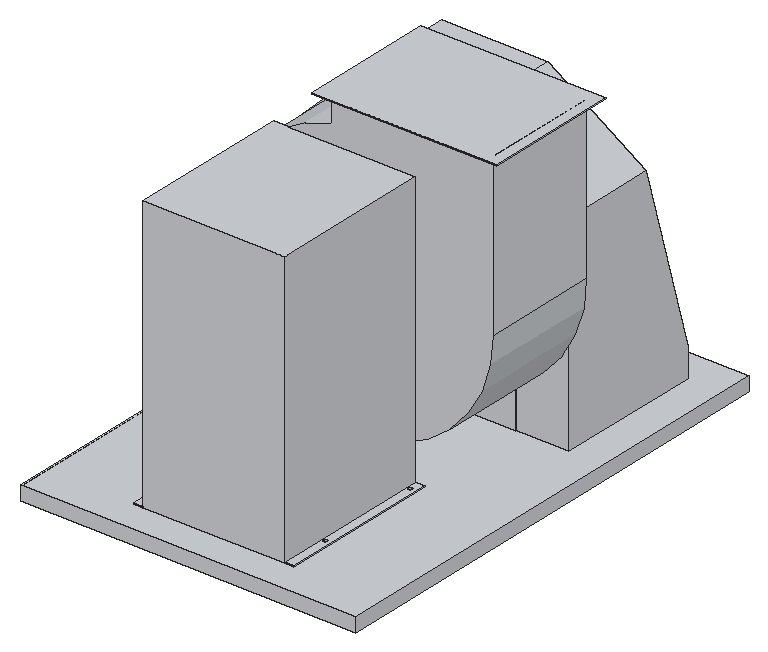
Revit family "CPBK", category Mechanical Equipment, Revit 2019
Family settings
  Round Connector Dimension = Use Diameter
  Part Type = Normal
  Work Plane-Based = No
  Always vertical = Yes
  Cut with Voids When Loaded = No
  Shared = No
  Room Calculation Point = No
Parameters (values of type "210 CP WITH CURB CAP AND INLET BOX")
  Z = 0' - 8 7/8"
  Y = 0' - 10 5/8"
  X = 2' - 2 3/16"
  W+M = W + M  # 1' - 11 1/8"
  W+1.5+K+L = W + 0' 1 1/2" + K + L  # 3' - 4 1/4"
  W+1.5 = W + 0' 1 1/2"  # 0' - 6 1/2"
  W = 0' - 5"
  V = 0' - 10"
  Unit Weight [instance] = ""
  U-.125 = U - 0' 0 1/8"  # 0' - 1 1/2"
  U = 0' - 1 5/8"
  T = 0' - 0 3/4"
  Sones [instance] = ""
  S/2 = S / 2  # 0' - 0 9/32"
  S = 0' - 0 9/16"
  R = 0' - 1"
  Q = 0' - 4"
  P-U = P - U  # 3' - 7 3/4"
  P = 3' - 9 3/8"
  N = 1' - 5 7/8"
  Motor RPM [instance] = ""
  Motor Enclosure [instance] = ""
  ModelID [instance] = ""
  M = 1' - 6 1/8"
  LwA [instance] = ""
  L = 1' - 6 3/4"
  K = 1' - 3"
  J = 1' - 7 5/16"
  HEIGHT*.9 = P * 0.9  # 3' - 4.8375"
  H = 3' - 2 7/8"
  G-V = G - V  # 0' - 1 3/8"
  G = 0' - 11 3/8"
  Fan RPM [instance] = ""
  F-.125 = F - 0' 0 1/8"  # 1' - 5"
  F = 1' - 5 1/8"
  E-U = E - U  # 3' - 2 5/16"
  E-B-U = 3' - 1 5/16"
  E = 3' - 3 15/16"
  D = 2' - 1 3/8"
  CAP_J/2 = CAP_J / 2  # 1' - 11 3/4"
  CAP_J = 3' - 11 1/2"
  CAP_H = 5' - 9 1/2"
  CAP_G/2 = CAP_G / 2  # 1' - 6 13/16"
  CAP_G*.3 = CAP_G * 0.2  # 0' - 7.525"
  CAP_G = 3' - 1 5/8"
  CAP_F = 0' - 4 15/16"
  CAP_E+CAP_D = CAP_E + CAP_D  # 2' - 1 5/8"
  CAP_E = 0' - 4 5/8"  # constant formula
  CAP_D/2 = CAP_D / 2  # 0' - 10 1/2"
  CAP_D = 1' - 9"
  C/8*7 = C / 8 * 2.5  # 0' - 8 27/256"
  C/8 = C / 6  # 0' - 4.32292"
  C/2 = C / 2  # 1' - 0 31/32"
  C = 2' - 1 15/16"
  Brake Hp [instance] = ""
  B = 1' - 11"
  Accessories [instance] = ""
  A+.25 = A + 0' 0 1/4"  # 1' - 4 5/16"
  A = 1' - 4 1/16"
  CUT = 0' - 2"
  4" = 0' - 4"  # constant formula
  135 = 133.625°
  1'8" = 1' - 8"  # constant formula
  0 = 0' - 0"  # constant formula
  Voltage [instance] = 0 V
  URL = "www.lorencook.com"
  Type Comments = "CP WITH CURB CAP AND INLET BOX"  # constant formula
  Static Pressure [instance] = 0.00 in-wg
  Power [instance] = Voltage * Motor FLA * sqrt(if(Phase = 3, 3, 1))  # 0 VA
  Phase [instance] = 0
  Number of Poles [instance] = 1
  Motor Hp [instance] = "0"
  Motor FLA [instance] = 0 A
  Model = "CP WITH CURB CAP AND INLET BOX"  # constant formula
  Manufacturer = "Loren Cook Company"
  CFM [instance] = 0 CFM
  1.5 = 0' - 1 1/2"  # constant formula
  ONE EIGTH = 0' - 0 1/8"  # constant formula
  -CAP_E = -(CAP_E)  # -0' - 4 5/8"
  -1.5 = -0' - 1 1/2"  # constant formula
  -.125 = -0' - 0 1/8"  # constant formula
  -(CAP_G/2) = -(CAP_G / 2)  # -1' - 6 13/16"
  -(CAP_D+CAP_E) = -(CAP_D + CAP_E)  # -2' - 1 5/8"
  -(A+.25) = -(A + 0' 0 1/4")  # -1' - 4 5/16"
  (C/2)-1.5 = (C / 2) - 0' 1 1/2"  # 0' - 11 15/32"
  (C/2)-.25 = (C / 2) - 0' 0 1/4"  # 1' - 0 23/32"
Types (14): name | Z | Y | X | W+M | W+1.5+K+L | W+1.5 | W | V | U-.125 | U | T | S/2 | S | R | Q | P-U | P | N | M | L | K | J | HEIGHT*.9 | H | G-V | G | F-.125 | F | E-U | E | D | CAP_J/2 | CAP_J | CAP_H | CAP_G/2 | CAP_G*.3 | CAP_G | CAP_F | CAP_E+CAP_D | CAP_D/2 | CAP_D | C/8*7 | C/8 | C/2 | C | B | A+.25 | A | CUT | -(CAP_G/2) | -(CAP_D+CAP_E) | -(A+.25) | (C/2)-1.5 | (C/2)-.25
  (no name) | 0' - 8 7/8" | 0' - 10 5/8" | 2' - 2 3/16" | 1' - 11 1/8" | 3' - 4 1/4" | 0' - 6 1/2" | 0' - 5" | 0' - 10" | 0' - 1 1/2" | 0' - 1 5/8" | 0' - 0 3/4" | 0' - 0 9/32" | 0' - 0 9/16" | 0' - 1" | 0' - 4" | 3' - 7 3/4" | 3' - 9 3/8" | 1' - 5 7/8" | 1' - 6 1/8" | 1' - 6 3/4" | 1' - 3" | 1' - 7 5/16" | 3' - 4.8375" | 3' - 2 7/8" | 0' - 1 3/8" | 0' - 11 3/8" | 1' - 5" | 1' - 5 1/8" | 3' - 2 5/16" | 3' - 3 15/16" | 2' - 1 3/8" | 1' - 11 3/4" | 3' - 11 1/2" | 5' - 9 1/2" | 1' - 6 13/16" | 0' - 7.525" | 3' - 1 5/8" | 0' - 4 15/16" | 2' - 1 5/8" | 0' - 10 1/2" | 1' - 9" | 0' - 8 27/256" | 0' - 4.32292" | 1' - 0 31/32" | 2' - 1 15/16" | 1' - 11" | 1' - 4 5/16" | 1' - 4 1/16" | 0' - 2" | -1' - 6 13/16" | -2' - 1 5/8" | -1' - 4 5/16" | 0' - 11 15/32" | 1' - 0 23/32"
  135 CP WITH CURB CAP AND INLET BOX | 0' - 6" | 0' - 8 5/8" | 1' - 5 15/16" | 1' - 7 1/8" | 2' - 6 1/2" | 0' - 5 1/2" | 0' - 4" | 0' - 8" | 0' - 1 1/2" | 0' - 1 5/8" | 0' - 0 3/4" | 0' - 0 9/32" | 0' - 0 9/16" | 0' - 0 3/4" | 0' - 3" | 2' - 6 1/4" | 2' - 7 7/8" | 1' - 0 1/8" | 1' - 3 1/8" | 1' - 1" | 1' - 0" | 1' - 1 1/2" | 2' - 4 11/16" | 2' - 3" | 0' - 1 3/8" | 0' - 9 3/8" | 0' - 10 7/8" | 0' - 11" | 2' - 0 1/16" | 2' - 1 11/16" | 1' - 6" | 1' - 4 3/4" | 2' - 9 1/2" | 4' - 5 1/2" | 1' - 0 1/2" | 0' - 5" | 2' - 1" | 0' - 4 5/8" | 1' - 6 5/8" | 0' - 7" | 1' - 2" | 0' - 5 65/128" | 0' - 2 15/16" | 0' - 8 13/16" | 1' - 5 5/8" | 1' - 2 3/4" | 0' - 10 9/16" | 0' - 10 5/16" | 0' - 2" | -1' - 0 1/2" | -1' - 6 5/8" | -0' - 10 9/16" | 0' - 7 5/16" | 0' - 8 9/16"
  150 CP WITH CURB CAP AND INLET BOX | 0' - 6 9/16" | 0' - 8 5/8" | 1' - 7 5/8" | 1' - 7 1/8" | 2' - 7 5/8" | 0' - 5 1/2" | 0' - 4" | 0' - 8" | 0' - 1 1/2" | 0' - 1 5/8" | 0' - 0 3/4" | 0' - 0 9/32" | 0' - 0 9/16" | 0' - 0 3/4" | 0' - 3" | 2' - 8 3/4" | 2' - 10 3/8" | 1' - 1 1/4" | 1' - 3 1/8" | 1' - 2 1/8" | 1' - 0" | 1' - 2 5/8" | 2' - 6 15/16" | 2' - 5 1/16" | 0' - 1 3/8" | 0' - 9 3/8" | 1' - 0 1/16" | 1' - 0 3/16" | 2' - 2 7/8" | 2' - 4 1/2" | 1' - 7 1/16" | 1' - 6 1/4" | 3' - 0 1/2" | 4' - 7 1/2" | 1' - 1 11/16" | 0' - 5.475" | 2' - 3 3/8" | 0' - 4 9/16" | 1' - 8" | 0' - 7 11/16" | 1' - 3 3/8" | 0' - 5 125/128" | 0' - 3 3/16" | 0' - 9 9/16" | 1' - 7 1/8" | 1' - 4 7/16" | 0' - 11 11/16" | 0' - 11 7/16" | 0' - 2" | -1' - 1 11/16" | -1' - 8" | -0' - 11 11/16" | 0' - 8 1/16" | 0' - 9 5/16"
  165 CP WITH CURB CAP AND INLET BOX | 0' - 7 3/16" | 0' - 8 5/8" | 1' - 9 1/4" | 1' - 7 1/8" | 2' - 8 13/16" | 0' - 5 1/2" | 0' - 4" | 0' - 8" | 0' - 1 1/2" | 0' - 1 5/8" | 0' - 0 3/4" | 0' - 0 9/32" | 0' - 0 9/16" | 0' - 0 3/4" | 0' - 3" | 2' - 11 3/16" | 3' - 0 13/16" | 1' - 2 7/16" | 1' - 3 1/8" | 1' - 3 5/16" | 1' - 0" | 1' - 3 13/16" | 2' - 9.13125" | 2' - 7 7/16" | 0' - 1 3/8" | 0' - 9 3/8" | 1' - 1 1/4" | 1' - 1 3/8" | 2' - 5 11/16" | 2' - 7 5/16" | 1' - 8 7/16" | 1' - 7 1/4" | 3' - 2 1/2" | 4' - 10 1/2" | 1' - 2 13/16" | 0' - 5.925" | 2' - 5 5/8" | 0' - 4 5/8" | 1' - 9 1/4" | 0' - 8 5/16" | 1' - 4 5/8" | 0' - 6 159/256" | 0' - 3 17/32" | 0' - 10 19/32" | 1' - 9 3/16" | 1' - 6 1/16" | 1' - 0 7/8" | 1' - 0 5/8" | 0' - 2" | -1' - 2 13/16" | -1' - 9 1/4" | -1' - 0 7/8" | 0' - 9 3/32" | 0' - 10 11/32"
  180 CP WITH CURB CAP AND INLET BOX | 0' - 7 3/4" | 0' - 9 5/8" | 1' - 10 7/8" | 1' - 7 1/8" | 2' - 9 15/16" | 0' - 5 1/2" | 0' - 4" | 0' - 9" | 0' - 1 1/2" | 0' - 1 5/8" | 0' - 0 3/4" | 0' - 0 9/32" | 0' - 0 9/16" | 0' - 1" | 0' - 3" | 3' - 2 1/16" | 3' - 3 11/16" | 1' - 3 9/16" | 1' - 3 1/8" | 1' - 4 7/16" | 1' - 0" | 1' - 4 15/16" | 2' - 11 23/32" | 2' - 9 9/16" | 0' - 1 3/8" | 0' - 10 3/8" | 1' - 2 1/2" | 1' - 2 5/8" | 2' - 8 9/16" | 2' - 10 3/16" | 1' - 10 1/16" | 1' - 8 1/4" | 3' - 4 1/2" | 5' - 0 1/2" | 1' - 4" | 0' - 6.4" | 2' - 8" | 0' - 4 5/8" | 1' - 10 5/8" | 0' - 9" | 1' - 6" | 0' - 7 23/256" | 0' - 3 25/32" | 0' - 11 11/32" | 1' - 10 11/16" | 1' - 7 11/16" | 1' - 2" | 1' - 1 3/4" | 0' - 2" | -1' - 4" | -1' - 10 5/8" | -1' - 2" | 0' - 9 27/32" | 0' - 11 3/32"
  195 CP WITH CURB CAP AND INLET BOX | 0' - 8 5/16" | 0' - 9 5/8" | 2' - 0 1/2" | 1' - 10 1/8" | 3' - 2 1/8" | 0' - 5 1/2" | 0' - 4" | 0' - 9" | 0' - 1 1/2" | 0' - 1 5/8" | 0' - 0 3/4" | 0' - 0 9/32" | 0' - 0 9/16" | 0' - 1" | 0' - 3" | 3' - 3 1/4" | 3' - 4 7/8" | 1' - 4 3/4" | 1' - 6 1/8" | 1' - 5 5/8" | 1' - 3" | 1' - 6 3/16" | 3' - 0.7875" | 2' - 11 11/16" | 0' - 1 3/8" | 0' - 10 3/8" | 1' - 3 11/16" | 1' - 3 13/16" | 2' - 11 3/8" | 3' - 1" | 1' - 11 11/16" | 1' - 9 3/4" | 3' - 7 1/2" | 5' - 6 1/2" | 1' - 5 3/16" | 0' - 6 7/8" | 2' - 10 3/8" | 0' - 4 7/8" | 2' - 0" | 0' - 9 11/16" | 1' - 7 3/8" | 0' - 7 143/256" | 0' - 4 1/32" | 1' - 0 3/32" | 2' - 0 3/16" | 1' - 9 5/16" | 1' - 3 3/16" | 1' - 2 15/16" | 0' - 2" | -1' - 5 3/16" | -2' - 0" | -1' - 3 3/16" | 0' - 10 19/32" | 0' - 11 27/32"
  210 CP WITH CURB CAP AND INLET BOX | 0' - 8 7/8" | 0' - 10 5/8" | 2' - 2 3/16" | 1' - 11 1/8" | 3' - 4 1/4" | 0' - 6 1/2" | 0' - 5" | 0' - 10" | 0' - 1 1/2" | 0' - 1 5/8" | 0' - 0 3/4" | 0' - 0 9/32" | 0' - 0 9/16" | 0' - 1" | 0' - 4" | 3' - 7 3/4" | 3' - 9 3/8" | 1' - 5 7/8" | 1' - 6 1/8" | 1' - 6 3/4" | 1' - 3" | 1' - 7 5/16" | 3' - 4.8375" | 3' - 2 7/8" | 0' - 1 3/8" | 0' - 11 3/8" | 1' - 5" | 1' - 5 1/8" | 3' - 2 5/16" | 3' - 3 15/16" | 2' - 1 3/8" | 1' - 11 3/4" | 3' - 11 1/2" | 5' - 9 1/2" | 1' - 6 13/16" | 0' - 7.525" | 3' - 1 5/8" | 0' - 4 15/16" | 2' - 1 5/8" | 0' - 10 1/2" | 1' - 9" | 0' - 8 27/256" | 0' - 4.32292" | 1' - 0 31/32" | 2' - 1 15/16" | 1' - 11" | 1' - 4 5/16" | 1' - 4 1/16" | 0' - 2" | -1' - 6 13/16" | -2' - 1 5/8" | -1' - 4 5/16" | 0' - 11 15/32" | 1' - 0 23/32"
  225 CP WITH CURB CAP AND INLET BOX | 0' - 9 7/16" | 0' - 11 1/8" | 2' - 3 13/16" | 1' - 11 1/8" | 3' - 5 3/8" | 0' - 6 1/2" | 0' - 5" | 0' - 10 1/2" | 0' - 1 1/2" | 0' - 1 5/8" | 0' - 0 3/4" | 0' - 0 9/32" | 0' - 0 9/16" | 0' - 1" | 0' - 4" | 3' - 10" | 3' - 11 5/8" | 1' - 7" | 1' - 6 1/8" | 1' - 7 7/8" | 1' - 3" | 1' - 8 7/16" | 3' - 6.8625" | 3' - 5" | 0' - 1 3/8" | 0' - 11 7/8" | 1' - 6 3/16" | 1' - 6 5/16" | 3' - 5 1/8" | 3' - 6 3/4" | 2' - 3" | 2' - 0 3/4" | 4' - 1 1/2" | 6' - 0 1/2" | 1' - 8 1/16" | 0' - 8.025" | 3' - 4 1/8" | 0' - 4 11/16" | 2' - 3 1/8" | 0' - 11 1/4" | 1' - 10 1/2" | 0' - 8 147/256" | 0' - 4.57292" | 1' - 1 23/32" | 2' - 3 7/16" | 2' - 0 5/8" | 1' - 5 7/16" | 1' - 5 3/16" | 0' - 2" | -1' - 8 1/16" | -2' - 3 1/8" | -1' - 5 7/16" | 1' - 0 7/32" | 1' - 1 15/32"
  245 CP WITH CURB CAP AND INLET BOX | 0' - 10 1/2" | 1' - 0 3/8" | 2' - 7" | 1' - 11 1/8" | 3' - 7 3/16" | 0' - 6 1/2" | 0' - 5" | 0' - 11 1/2" | 0' - 2" | 0' - 2 1/8" | 0' - 1" | 0' - 0 11/32" | 0' - 0 11/16" | 0' - 1" | 0' - 4" | 4' - 1 1/4" | 4' - 3 3/8" | 1' - 9 1/16" | 1' - 6 1/8" | 1' - 9 11/16" | 1' - 3" | 1' - 11" | 3' - 10.2375" | 3' - 8 5/8" | 0' - 1 7/8" | 1' - 1 3/8" | 1' - 7 3/4" | 1' - 7 7/8" | 3' - 8 3/8" | 3' - 10 1/2" | 2' - 5 5/8" | 2' - 1 3/4" | 4' - 3 1/2" | 6' - 3 1/2" | 1' - 9 1/4" | 0' - 8 1/2" | 3' - 6 1/2" | 0' - 4 7/8" | 2' - 4 5/8" | 1' - 0" | 2' - 0" | 0' - 9 51/256" | 0' - 4 29/32" | 1' - 2 23/32" | 2' - 5 7/16" | 2' - 2 13/16" | 1' - 7" | 1' - 6 3/4" | 0' - 2" | -1' - 9 1/4" | -2' - 4 5/8" | -1' - 7" | 1' - 1 7/32" | 1' - 2 15/32"
  120 CP WITH CURB CAP AND INLET BOX | 0' - 5 7/16" | 0' - 8 5/8" | 1' - 4 5/16" | 1' - 5 1/8" | 2' - 3 3/8" | 0' - 5 1/2" | 0' - 4" | 0' - 8" | 0' - 1 1/2" | 0' - 1 5/8" | 0' - 0 3/4" | 0' - 0 9/32" | 0' - 0 9/16" | 0' - 0 3/4" | 0' - 3" | 2' - 5 3/4" | 2' - 7 3/8" | 0' - 11" | 1' - 1 1/8" | 0' - 11 7/8" | 0' - 10" | 1' - 0 3/8" | 2' - 4.2375" | 2' - 2 1/4" | 0' - 1 3/8" | 0' - 9 3/8" | 0' - 9 5/8" | 0' - 9 3/4" | 1' - 9 3/16" | 1' - 10 13/16" | 1' - 6" | 1' - 3 3/4" | 2' - 7 1/2" | 4' - 0 1/2" | 0' - 11 5/16" | 0' - 4.525" | 1' - 10 5/8" | 0' - 4 5/8" | 1' - 5 3/8" | 0' - 6 3/8" | 1' - 0 3/4" | 0' - 5 5/128" | 0' - 2 11/16" | 0' - 8 1/16" | 1' - 4 1/8" | 1' - 1 1/8" | 0' - 9 7/16" | 0' - 9 3/16" | 0' - 2 1/2" | -0' - 11 5/16" | -1' - 5 3/8" | -0' - 9 7/16" | 0' - 6 9/16" | 0' - 7 13/16"
  100 CP WITH CURB CAP AND INLET BOX | 0' - 4 5/8" | 0' - 8 5/8" | 1' - 2 1/16" | 1' - 5 1/8" | 2' - 1 3/4" | 0' - 5 1/2" | 0' - 4" | 0' - 8" | 0' - 1 1/2" | 0' - 1 5/8" | 0' - 0 3/4" | 0' - 0 9/32" | 0' - 0 9/16" | 0' - 0 3/4" | 0' - 3" | 2' - 5 1/8" | 2' - 6 3/4" | 0' - 9 3/8" | 1' - 1 1/8" | 0' - 10 1/4" | 0' - 10" | 0' - 10 3/4" | 2' - 3.675" | 2' - 1 1/4" | 0' - 1 3/8" | 0' - 9 3/8" | 0' - 8" | 0' - 8 1/8" | 1' - 5 3/8" | 1' - 7" | 1' - 6" | 1' - 3 3/4" | 2' - 7 1/2" | 3' - 11 1/2" | 0' - 11 5/16" | 0' - 4.525" | 1' - 10 5/8" | 0' - 4 5/8" | 1' - 5 3/8" | 0' - 6 3/8" | 1' - 0 3/4" | 0' - 4 53/128" | 0' - 2.35417" | 0' - 7 1/16" | 1' - 2 1/8" | 0' - 10 15/16" | 0' - 7 13/16" | 0' - 7 9/16" | 0' - 3 1/2" | -0' - 11 5/16" | -1' - 5 3/8" | -0' - 7 13/16" | 0' - 5 9/16" | 0' - 6 13/16"
  60 CP WITH CURB CAP AND INLET BOX | 0' - 4 5/8" | 0' - 8 5/8" | 1' - 2 1/16" | 1' - 5 1/8" | 2' - 1 3/4" | 0' - 5 1/2" | 0' - 4" | 0' - 8" | 0' - 1 1/2" | 0' - 1 5/8" | 0' - 0 3/4" | 0' - 0 9/32" | 0' - 0 9/16" | 0' - 0 3/4" | 0' - 3" | 2' - 5 1/8" | 2' - 6 3/4" | 0' - 9 3/8" | 1' - 1 1/8" | 0' - 10 1/4" | 0' - 10" | 0' - 10 3/4" | 2' - 3.675" | 2' - 1 1/4" | 0' - 1 3/8" | 0' - 9 3/8" | 0' - 8" | 0' - 8 1/8" | 1' - 5 3/8" | 1' - 7" | 1' - 6" | 1' - 3 3/4" | 2' - 7 1/2" | 3' - 11 1/2" | 0' - 11 5/16" | 0' - 4.525" | 1' - 10 5/8" | 0' - 4 5/8" | 1' - 5 3/8" | 0' - 6 3/8" | 1' - 0 3/4" | 0' - 4 53/128" | 0' - 2.35417" | 0' - 7 1/16" | 1' - 2 1/8" | 0' - 10 15/16" | 0' - 7 13/16" | 0' - 7 9/16" | 0' - 3 1/2" | -0' - 11 5/16" | -1' - 5 3/8" | -0' - 7 13/16" | 0' - 5 9/16" | 0' - 6 13/16"
  70 CP WITH CURB CAP AND INLET BOX | 0' - 4 5/8" | 0' - 8 5/8" | 1' - 2 1/16" | 1' - 5 1/8" | 2' - 1 3/4" | 0' - 5 1/2" | 0' - 4" | 0' - 8" | 0' - 1 1/2" | 0' - 1 5/8" | 0' - 0 3/4" | 0' - 0 9/32" | 0' - 0 9/16" | 0' - 0 3/4" | 0' - 3" | 2' - 5 1/8" | 2' - 6 3/4" | 0' - 9 3/8" | 1' - 1 1/8" | 0' - 10 1/4" | 0' - 10" | 0' - 10 3/4" | 2' - 3.675" | 2' - 1 1/4" | 0' - 1 3/8" | 0' - 9 3/8" | 0' - 8" | 0' - 8 1/8" | 1' - 5 3/8" | 1' - 7" | 1' - 6" | 1' - 3 3/4" | 2' - 7 1/2" | 3' - 11 1/2" | 0' - 11 5/16" | 0' - 4.525" | 1' - 10 5/8" | 0' - 4 5/8" | 1' - 5 3/8" | 0' - 6 3/8" | 1' - 0 3/4" | 0' - 4 53/128" | 0' - 2.35417" | 0' - 7 1/16" | 1' - 2 1/8" | 0' - 10 15/16" | 0' - 7 13/16" | 0' - 7 9/16" | 0' - 3 1/2" | -0' - 11 5/16" | -1' - 5 3/8" | -0' - 7 13/16" | 0' - 5 9/16" | 0' - 6 13/16"
  80 CP WITH CURB CAP AND INLET BOX | 0' - 4 5/8" | 0' - 8 5/8" | 1' - 2 1/16" | 1' - 5 1/8" | 2' - 1 3/4" | 0' - 5 1/2" | 0' - 4" | 0' - 8" | 0' - 1 1/2" | 0' - 1 5/8" | 0' - 0 3/4" | 0' - 0 9/32" | 0' - 0 9/16" | 0' - 0 3/4" | 0' - 3" | 2' - 5 1/8" | 2' - 6 3/4" | 0' - 9 3/8" | 1' - 1 1/8" | 0' - 10 1/4" | 0' - 10" | 0' - 10 3/4" | 2' - 3.675" | 2' - 1 1/4" | 0' - 1 3/8" | 0' - 9 3/8" | 0' - 8" | 0' - 8 1/8" | 1' - 5 3/8" | 1' - 7" | 1' - 6" | 1' - 3 3/4" | 2' - 7 1/2" | 3' - 11 1/2" | 0' - 11 5/16" | 0' - 4.525" | 1' - 10 5/8" | 0' - 4 5/8" | 1' - 5 3/8" | 0' - 6 3/8" | 1' - 0 3/4" | 0' - 4 53/128" | 0' - 2.35417" | 0' - 7 1/16" | 1' - 2 1/8" | 0' - 10 15/16" | 0' - 7 13/16" | 0' - 7 9/16" | 0' - 3 1/2" | -0' - 11 5/16" | -1' - 5 3/8" | -0' - 7 13/16" | 0' - 5 9/16" | 0' - 6 13/16"
Reference planes (in)
  plane 1 "Center (Front/Back)": y = 0
  plane 2: z = 0
  plane 3 "Center (Left/Right)": x = 0.40541
Forms (in)
  Extrusion 1, solid
    sketch origin (0, 0, 0) x (1, 0, 0) y (0, 1, 0)
      loop
        line (-9.59459, 0) -> (-9.59459, -23.125) -> (10.40541, -23.125) -> (10.40541, 0) -> (-9.59459, 0)
    from 0 to 38.875 <- "H"
  Extrusion 2, solid
    sketch origin (0, 0, 0) x (1, 0, 0) y (0, 1, 0)
      loop
        line (-9.59459, 0) -> (-10.96959, 0) -> (-10.96959, -23.125) -> (-9.59459, -23.125) -> (-9.59459, 0)
      loop
        line (10.40541, 0) -> (10.40541, -23.125) -> (11.78041, -23.125) -> (11.78041, 0) -> (10.40541, 0)
    from 0 to 0.125 <- "ONE EIGTH"
  Extrusion 3, solid
    sketch origin (0, 0, 0) x (1, 0, 0) y (0, 1, 0)
      loop
        line (-10.96959, 17.875) -> (-10.96959, 16.3125) -> (11.78041, 16.3125) -> (11.78041, 17.875) -> (-10.96959, 17.875)
    from 0 to 0.125 <- "ONE EIGTH"
  Extrusion 4, solid
    sketch origin (11.78041, 16.3125, 0) x (-1, 0, 0) y (0, 0, -1)
      loop
        line (22.75, 0) -> (0, 0) -> (0, -25.375) -> (22.75, -25.375) -> (22.75, 0)
    from 0 to 0.125 <- "ONE EIGTH"
  Extrusion 5, void
    sketch origin (11.78041, 16.3125, 0) x (1, 0, 0) y (0, 0, -1)
      loop
        circle (-11.375, -25.375) r 12.96875
    from -0.125 <- "-.125" to 0 <- "0"
  Extrusion 6, void
    sketch origin (0, 0, 0) x (1, 0, 0) y (0, 1, 0)
      loop
        circle (11.03041, -1.625) r 0.28125
      loop
        circle (11.03041, -16.625) r 0.28125
      loop
        circle (-10.21959, -16.625) r 0.28125
      loop
        circle (-10.21959, -1.625) r 0.28125
    from -12 to 12
  Extrusion 7, void
    sketch origin (0, 0, 0) x (1, 0, 0) y (0, 1, 0)
      loop
        circle (11.03041, 17.125) r 0.28125
      loop
        circle (-10.21959, 17.125) r 0.28125
    from -0.125 <- "-.125" to 0.125 <- "ONE EIGTH"
  Extrusion 8, solid
    sketch origin (11.78041, 16.1875, 0) x (-1, 0, 0) y (0, 0, -1)
      loop
        circle (11.375, -25.375) r 12.96875
      loop
        circle (11.375, -25.375) r 12.71875
    from 0 to -1.5 <- "-1.5"
  Extrusion 9, solid
    sketch origin (0, 0, 0) x (1, 0, 0) y (0, 0, 1)
      loop
        arc (-1.40709, 41.375) -> (-9.67387, 7.76594) -> (21.59291, 22.60834) r 19.15625
        line (21.59291, 22.60834) -> (21.59291, 45.375) -> (-1.40709, 45.375) -> (-1.40709, 41.375)
    from 0 to -16.3125 <- "-(A+.25)"
  Extrusion 10, solid
    sketch origin (-1.40709, 0, 45.375) x (1, 0, 0) y (0, 1, 0)
      loop
        line (-1.5625, -1.5) -> (24.625, -1.5) -> (24.625, 17.8125) -> (-1.5625, 17.8125) -> (-1.5625, -1.5)
    from 0 to 0.125 <- "ONE EIGTH"
  Revolve 11, void
    sketch origin (0.40541, 0, 0) x (0, 1, 0) y (0, 0, 1)
      loop
        line (16.3125, 36.84375) -> (11.98958, 33.48047) -> (11.98958, 25.375) -> (16.3125, 25.375) -> (16.3125, 36.84375)
      axis (11.98958, 25.375) -> (16.3125, 25.375)
    angle from 0 to 360
  Extrusion 12, solid
    sketch origin (0, 0, 0) x (1, 0, 0) y (0, 1, 0)
      loop
        line (-23.34459, 41.8125) -> (-23.34459, -27.6875) -> (24.15541, -27.6875) -> (24.15541, 41.8125) -> (-23.34459, 41.8125)
    from 0 to -2
  Extrusion 13, void
    sketch origin (0, 0, 0) x (1, 0, 0) y (0, 1, 0)
      loop
        line (-23.21959, 41.6875) -> (-23.21959, -27.5625) -> (24.03041, -27.5625) -> (24.03041, 41.6875) -> (-23.21959, 41.6875)
    from -0.125 to -2
  Extrusion 14, solid
    sketch origin (0.40541, 0, 0) x (0, 1, 0) y (0, 0, 1)
      loop
        line (16.1875, 0) -> (37.1875, 0) -> (37.1875, 4) -> (26.6875, 40.8375) -> (16.1875, 40.8375) -> (16.1875, 0)
    from -18.8125 <- "-(CAP_G/2)" to 18.8125 <- "CAP_G/2"
  Extrusion 15, void
    sketch origin (0.40541, 37.1875, 4) x (0, 0, 1) y (-1, 0, 0)
      loop
        line (36.8375, -18.8125) -> (36.8375, -7.525) -> (25.55, -18.8125) -> (36.8375, -18.8125)
      loop
        line (36.8375, 18.8125) -> (25.55, 18.8125) -> (36.8375, 7.525) -> (36.8375, 18.8125)
    from 0 to 21 <- "CAP_D"
Cuts and joins
  Extrusion 5, Extrusion 7, Revolve 11 cuts Extrusion 4
  Extrusion 6 cuts Extrusion 1
  Extrusion 6 cuts Extrusion 2
  Extrusion 7 cuts Extrusion 3
  Revolve 11, Extrusion 15 cuts Extrusion 8
  Revolve 11 cuts Extrusion 9
  Extrusion 13 cuts Extrusion 12
  Extrusion 15 cuts Extrusion 14
Dimensions and locks (in)
  "0": Extrusion 1 sketch curve to plane 1 "Center (Front/Back)"
  "W+M": plane 1 "Center (Front/Back)" to Extrusion 1 sketch curve
  "V": plane 3 "Center (Left/Right)" to Extrusion 1 sketch curve
  "V": Extrusion 1 sketch curve to plane 3 "Center (Left/Right)"
  "0": Extrusion 2 sketch curve to plane 1 "Center (Front/Back)"  (x2)
  "0": Extrusion 1 to Extrusion 2 sketch curve  (x2)
  "0": Extrusion 2 sketch curve to Extrusion 1  (x2)
  "G-V": Extrusion 2 sketch curve to Extrusion 2 sketch curve  (x2)
  "N": plane 1 "Center (Front/Back)" to Extrusion 3 sketch curve
  "A+.25": Extrusion 3 sketch curve to plane 1 "Center (Front/Back)"
  "0": Extrusion 2 to Extrusion 3 sketch curve  (x2)
  "0": Extrusion 1 to Extrusion 4 sketch curve
  "D": Extrusion 4 sketch curve to Extrusion 4 sketch curve
  "0": Extrusion 4 sketch curve to Extrusion 2  (x2)
  "D": Extrusion 1 to Extrusion 5 sketch curve
  "V": Extrusion 1 to Extrusion 5 sketch curve
  "Y": plane 3 "Center (Left/Right)" to Extrusion 6 sketch curve  (x2)
  "Y": Extrusion 6 sketch curve to plane 3 "Center (Left/Right)"  (x2)
  "W+1.5": Extrusion 1 to Extrusion 6 sketch curve  (x2)
  "K": Extrusion 6 sketch curve to Extrusion 6 sketch curve  (x2)
  "W+1.5+K+L": cut or joined group of Extrusion 1, Extrusion 6 to Extrusion 7 sketch curve  (x2)
  "V": cut or joined group of Extrusion 1, Extrusion 6 to Extrusion 8 sketch curve  (x2)
  "D": Extrusion 8 sketch curve to cut or joined group of Extrusion 1, Extrusion 6  (x2)
  "T": Extrusion 7 sketch curve to cut or joined group of Extrusion 3, Extrusion 7
  "T": cut or joined group of Extrusion 3, Extrusion 7 to Extrusion 7 sketch curve
  "E-U": Extrusion 9 sketch curve to Extrusion 9 sketch curve
  "B": Extrusion 9 sketch curve to Extrusion 9 sketch curve
  "F": plane 3 "Center (Left/Right)" to Extrusion 9 sketch curve
  "P": Extrusion 9 sketch curve to level
  "X": Extrusion 10 sketch curve to Extrusion 10 sketch curve
  "U-.125": Extrusion 10 sketch curve to Extrusion 9
  "J": Extrusion 10 sketch curve to Extrusion 10 sketch curve
  "U": Extrusion 9 to Extrusion 10 sketch curve
  "4"": Extrusion 9 sketch curve to Extrusion 9 sketch curve
  "D": Revolve 11 sketch curve to level  (x2)
  "(C/2)-1.5": Revolve 11 sketch curve to Revolve 11 sketch curve
  "C/8": Revolve 11 sketch curve to Revolve 11 sketch curve
  "C/8*7": Revolve 11 sketch curve to Revolve 11 sketch curve
  "0": Revolve 11 sketch curve to Extrusion 9
  "CAP_J/2": plane 3 "Center (Left/Right)" to Extrusion 12 sketch curve
  "CAP_J/2": Extrusion 12 sketch curve to plane 3 "Center (Left/Right)"
  "CAP_H": Extrusion 12 sketch curve to Extrusion 12 sketch curve
  "CAP_E+CAP_D": cut or joined group of Extrusion 4, Extrusion 5, Extrusion 7, Revolve 11 to Extrusion 12 sketch curve
  "ONE EIGTH": Extrusion 12 to Extrusion 13 sketch curve
  "ONE EIGTH": Extrusion 13 sketch curve to Extrusion 12  (x3)
  "0": Extrusion 14 sketch curve to level
  "HEIGHT*.9": Extrusion 14 sketch curve to level
  "CAP_E": Extrusion 14 sketch curve to cut or joined group of Extrusion 12, Extrusion 13
  "CAP_D": Extrusion 14 sketch curve to Extrusion 14 sketch curve
  "4"": Extrusion 14 sketch curve to level
  "CAP_D/2": Extrusion 14 sketch curve to Extrusion 14 sketch curve
  "0": Extrusion 15 sketch curve to Extrusion 14  (x4)
  "CAP_G*.3": Extrusion 15 sketch curve to plane 3 "Center (Left/Right)"  (x2)
  "C/2": radius of Extrusion 5 sketch curve
  "S/2": radius of Extrusion 6 sketch curve  (x4)
  "S/2": radius of Extrusion 7 sketch curve  (x2)
  "C/2": radius of Extrusion 8 sketch curve
  "(C/2)-.25": radius of Extrusion 8 sketch curve
  angle Extrusion 14 to Extrusion 15 sketch curve = 135.00°
  angle Extrusion 15 sketch curve to Extrusion 14 = 135.00°
Automatic sketch dimensions
  Revolve 11 sketch curve to Revolve 11 sketch curve = 0' - 0"
  Revolve 11 sketch curve to Revolve 11 sketch curve = 1' - 1"
Connectors (in)
  electrical at (-9.59459, -11.5625, 19.4375)
    settings: on cut or joined group of Extrusion 1, Extrusion 6, index 1, voltage 0 V, apparent load 0 VA, apparent load phase1 0 VA, apparent load phase2 0 VA, apparent load phase3 0 VA, power factor 1, load classification "Other", number of poles 1, system type 30, power factor state 1, is connector primary yes, connector utility no, sub classification motor no, connector description ""
  hvac at (10.12416, 8.15625, 45.375), driven by "B", driven by "A"
    settings: on Extrusion 10, index 3, duct flow 0 CFM, flow factor 0, pres drop 0.00 in-wg, loss coef 0, conn angle 0.00°, conn width 23", conn height 16 1/16", conn diameter 24", duct sys type 3, conn prof type 1, flow config 0, flow direction 2, loss method 0, conn ref index -1, conn util no, is conn primary yes, conn desc ""
  hvac at (0.40541, 26.6875, 0), driven by "CAP_D", driven by "CAP_G"
    settings: on cut or joined group of Extrusion 14, Extrusion 15, index 4, duct flow 0 CFM, flow factor 0, pres drop 0.00 in-wg, loss coef 0, conn angle 0.00°, conn width 37 5/8", conn height 21", conn diameter 24", duct sys type 3, conn prof type 1, flow config 0, flow direction 1, loss method 0, conn ref index -1, conn util no, is conn primary no, conn desc ""
